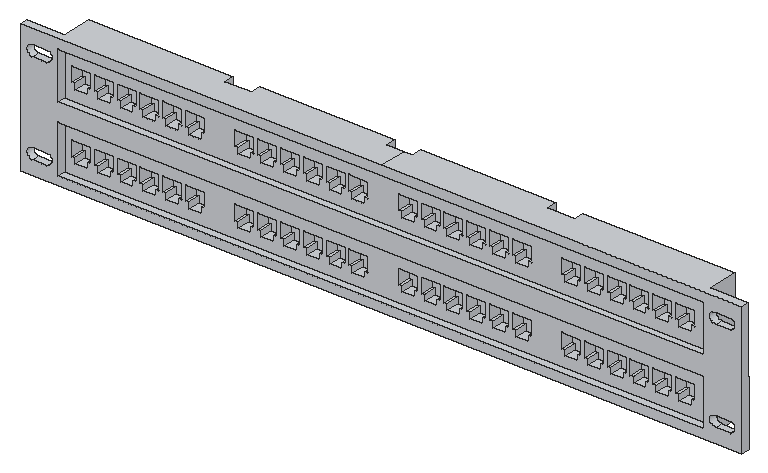
Revit family
Parameters (values of type "Type 1")
  Material ID = "760162818"
  Description = "Uniprise 10G 48 Port Patch Panel\r\n"
Reference planes (in)
  plane 1 "Center (Front/Back)": y = 0
  plane 2: z = 0
  plane 3 "Center (Left/Right)": x = 0
Forms (in)
  Extrusion 1, solid
    sketch origin (0, 0, 0) x (1, 0, 0) y (0, 0, 1)
      loop
        line (0, 1.735) -> (-9.5, 1.735) -> (-9.5, -1.735) -> (9.5, -1.735) -> (9.5, 1.735) -> (0, 1.735)
    from 0 to 1
  Extrusion 2, void
    sketch origin (0, 0, 0) x (1, 0, 0) y (0, 0, 1)
      loop
        line (0, 1.5) -> (-8.5, 1.5) -> (-8.5, 0.24) -> (8.5, 0.24) -> (8.5, 1.5) -> (0, 1.5)
      loop
        line (8.5, -1.5) -> (8.5, -0.24) -> (-8.5, -0.24) -> (-8.5, -1.5) -> (8.5, -1.5)
    from 0.80035 to 1
  Extrusion 3, void
    sketch origin (0, 0, 0) x (1, 0, 0) y (0, 0, 1)
      loop
        line (-8.306, 1.07722) -> (-8.306, 0.68622) -> (-8.226, 0.68622) -> (-8.226, 0.53222) -> (-7.886, 0.53222) -> (-7.886, 0.68622) -> (-7.806, 0.68622) -> (-7.806, 1.07722) -> (-8.306, 1.07722)
    from 0.462 to 1.10159
  Extrusion 4, void, not visible
    sketch origin (0, 0, 0) x (1, 0, 0) y (0, 0, 1)
      loop
        line (-8.45, 1.2) -> (-8.45, 0.809) -> (-8.37, 0.809) -> (-8.37, 0.655) -> (-8.03, 0.655) -> (-8.03, 0.809) -> (-7.95, 0.809) -> (-7.95, 1.2) -> (-8.45, 1.2)
    from 0.60159 to 1.10159
  Extrusion 5, void, not visible
    sketch origin (0.5989, 0, 0) x (1, 0, 0) y (0, 0, 1)
      loop
        line (-8.45, 1.2) -> (-8.45, 0.809) -> (-8.37, 0.809) -> (-8.37, 0.655) -> (-8.03, 0.655) -> (-8.03, 0.809) -> (-7.95, 0.809) -> (-7.95, 1.2) -> (-8.45, 1.2)
    from 0.60159 to 1.10159
  Extrusion 6, void, not visible
    sketch origin (1.2106, 0, 0) x (1, 0, 0) y (0, 0, 1)
      loop
        line (-8.45, 1.2) -> (-8.45, 0.809) -> (-8.37, 0.809) -> (-8.37, 0.655) -> (-8.03, 0.655) -> (-8.03, 0.809) -> (-7.95, 0.809) -> (-7.95, 1.2) -> (-8.45, 1.2)
    from 0.60159 to 1.10159
  Extrusion 7, void, not visible
    sketch origin (1.81104, 0, 0) x (1, 0, 0) y (0, 0, 1)
      loop
        line (-8.45, 1.2) -> (-8.45, 0.809) -> (-8.37, 0.809) -> (-8.37, 0.655) -> (-8.03, 0.655) -> (-8.03, 0.809) -> (-7.95, 0.809) -> (-7.95, 1.2) -> (-8.45, 1.2)
    from 0.60159 to 1.10159
  Extrusion 8, void, not visible
    sketch origin (2.41302, 0, 0) x (1, 0, 0) y (0, 0, 1)
      loop
        line (-8.45, 1.2) -> (-8.45, 0.809) -> (-8.37, 0.809) -> (-8.37, 0.655) -> (-8.03, 0.655) -> (-8.03, 0.809) -> (-7.95, 0.809) -> (-7.95, 1.2) -> (-8.45, 1.2)
    from 0.60159 to 1.10159
  Extrusion 9, void, not visible
    sketch origin (3.01652, 0, 0) x (1, 0, 0) y (0, 0, 1)
      loop
        line (-8.45, 1.2) -> (-8.45, 0.809) -> (-8.37, 0.809) -> (-8.37, 0.655) -> (-8.03, 0.655) -> (-8.03, 0.809) -> (-7.95, 0.809) -> (-7.95, 1.2) -> (-8.45, 1.2)
    from 0.60159 to 1.10159
  Extrusion 10, void
    sketch origin (0, 0, 0) x (1, 0, 0) y (0, 0, 1)
      loop
        line (9.5, 1.735) -> (8.5, 1.735) -> (8.5, -1.735) -> (9.5, -1.735) -> (9.5, 1.735)
    from 0 to 0.80035
  Extrusion 11, void
    sketch origin (0.6, 0, 0) x (1, 0, 0) y (0, 0, 1)
      loop
        line (-8.306, 1.07722) -> (-8.306, 0.68622) -> (-8.226, 0.68622) -> (-8.226, 0.53222) -> (-7.886, 0.53222) -> (-7.886, 0.68622) -> (-7.806, 0.68622) -> (-7.806, 1.07722) -> (-8.306, 1.07722)
    from 0.462 to 1.10159
  Extrusion 12, void
    sketch origin (1.2, 0, 0) x (1, 0, 0) y (0, 0, 1)
      loop
        line (-8.306, 1.07722) -> (-8.306, 0.68622) -> (-8.226, 0.68622) -> (-8.226, 0.53222) -> (-7.886, 0.53222) -> (-7.886, 0.68622) -> (-7.806, 0.68622) -> (-7.806, 1.07722) -> (-8.306, 1.07722)
    from 0.462 to 1.10159
  Extrusion 13, void
    sketch origin (1.8, 0, 0) x (1, 0, 0) y (0, 0, 1)
      loop
        line (-8.306, 1.07722) -> (-8.306, 0.68622) -> (-8.226, 0.68622) -> (-8.226, 0.53222) -> (-7.886, 0.53222) -> (-7.886, 0.68622) -> (-7.806, 0.68622) -> (-7.806, 1.07722) -> (-8.306, 1.07722)
    from 0.462 to 1.10159
  Extrusion 14, void
    sketch origin (2.4, 0, 0) x (1, 0, 0) y (0, 0, 1)
      loop
        line (-8.306, 1.07722) -> (-8.306, 0.68622) -> (-8.226, 0.68622) -> (-8.226, 0.53222) -> (-7.886, 0.53222) -> (-7.886, 0.68622) -> (-7.806, 0.68622) -> (-7.806, 1.07722) -> (-8.306, 1.07722)
    from 0.462 to 1.10159
  Extrusion 15, void
    sketch origin (3, 0, 0) x (1, 0, 0) y (0, 0, 1)
      loop
        line (-8.306, 1.07722) -> (-8.306, 0.68622) -> (-8.226, 0.68622) -> (-8.226, 0.53222) -> (-7.886, 0.53222) -> (-7.886, 0.68622) -> (-7.806, 0.68622) -> (-7.806, 1.07722) -> (-8.306, 1.07722)
    from 0.462 to 1.10159
  Extrusion 16, void, not visible
    sketch origin (0, 0, 0) x (1, 0, 0) y (0, 0, 1)
      loop
        line (-8.306, 1.07722) -> (-8.306, 0.68622) -> (-8.226, 0.68622) -> (-8.226, 0.53222) -> (-7.886, 0.53222) -> (-7.886, 0.68622) -> (-7.806, 0.68622) -> (-7.806, 1.07722) -> (-8.306, 1.07722)
    from 0.462 to 1.10159
  Extrusion 17, void
    sketch origin (4.3, 0, 0) x (1, 0, 0) y (0, 0, 1)
      loop
        line (-8.306, 1.07722) -> (-8.306, 0.68622) -> (-8.226, 0.68622) -> (-8.226, 0.53222) -> (-7.886, 0.53222) -> (-7.886, 0.68622) -> (-7.806, 0.68622) -> (-7.806, 1.07722) -> (-8.306, 1.07722)
    from 0.462 to 1.10159
  Extrusion 18, void
    sketch origin (4.9, 0, 0) x (1, 0, 0) y (0, 0, 1)
      loop
        line (-8.306, 1.07722) -> (-8.306, 0.68622) -> (-8.226, 0.68622) -> (-8.226, 0.53222) -> (-7.886, 0.53222) -> (-7.886, 0.68622) -> (-7.806, 0.68622) -> (-7.806, 1.07722) -> (-8.306, 1.07722)
    from 0.462 to 1.10159
  Extrusion 19, void
    sketch origin (5.5, 0, 0) x (1, 0, 0) y (0, 0, 1)
      loop
        line (-8.306, 1.07722) -> (-8.306, 0.68622) -> (-8.226, 0.68622) -> (-8.226, 0.53222) -> (-7.886, 0.53222) -> (-7.886, 0.68622) -> (-7.806, 0.68622) -> (-7.806, 1.07722) -> (-8.306, 1.07722)
    from 0.462 to 1.10159
  Extrusion 20, void
    sketch origin (6.1, 0, 0) x (1, 0, 0) y (0, 0, 1)
      loop
        line (-8.306, 1.07722) -> (-8.306, 0.68622) -> (-8.226, 0.68622) -> (-8.226, 0.53222) -> (-7.886, 0.53222) -> (-7.886, 0.68622) -> (-7.806, 0.68622) -> (-7.806, 1.07722) -> (-8.306, 1.07722)
    from 0.462 to 1.10159
  Extrusion 21, void
    sketch origin (6.7, 0, 0) x (1, 0, 0) y (0, 0, 1)
      loop
        line (-8.306, 1.07722) -> (-8.306, 0.68622) -> (-8.226, 0.68622) -> (-8.226, 0.53222) -> (-7.886, 0.53222) -> (-7.886, 0.68622) -> (-7.806, 0.68622) -> (-7.806, 1.07722) -> (-8.306, 1.07722)
    from 0.462 to 1.10159
  Extrusion 22, void
    sketch origin (7.3, 0, 0) x (1, 0, 0) y (0, 0, 1)
      loop
        line (-8.306, 1.07722) -> (-8.306, 0.68622) -> (-8.226, 0.68622) -> (-8.226, 0.53222) -> (-7.886, 0.53222) -> (-7.886, 0.68622) -> (-7.806, 0.68622) -> (-7.806, 1.07722) -> (-8.306, 1.07722)
    from 0.462 to 1.10159
  Extrusion 23, void
    sketch origin (8.6, 0, 0) x (1, 0, 0) y (0, 0, 1)
      loop
        line (-8.306, 1.07722) -> (-8.306, 0.68622) -> (-8.226, 0.68622) -> (-8.226, 0.53222) -> (-7.886, 0.53222) -> (-7.886, 0.68622) -> (-7.806, 0.68622) -> (-7.806, 1.07722) -> (-8.306, 1.07722)
    from 0.462 to 1.10159
  Extrusion 24, void
    sketch origin (9.2, 0, 0) x (1, 0, 0) y (0, 0, 1)
      loop
        line (-8.306, 1.07722) -> (-8.306, 0.68622) -> (-8.226, 0.68622) -> (-8.226, 0.53222) -> (-7.886, 0.53222) -> (-7.886, 0.68622) -> (-7.806, 0.68622) -> (-7.806, 1.07722) -> (-8.306, 1.07722)
    from 0.462 to 1.10159
  Extrusion 25, void
    sketch origin (9.8, 0, 0) x (1, 0, 0) y (0, 0, 1)
      loop
        line (-8.306, 1.07722) -> (-8.306, 0.68622) -> (-8.226, 0.68622) -> (-8.226, 0.53222) -> (-7.886, 0.53222) -> (-7.886, 0.68622) -> (-7.806, 0.68622) -> (-7.806, 1.07722) -> (-8.306, 1.07722)
    from 0.462 to 1.10159
  Extrusion 26, void
    sketch origin (10.4, 0, 0) x (1, 0, 0) y (0, 0, 1)
      loop
        line (-8.306, 1.07722) -> (-8.306, 0.68622) -> (-8.226, 0.68622) -> (-8.226, 0.53222) -> (-7.886, 0.53222) -> (-7.886, 0.68622) -> (-7.806, 0.68622) -> (-7.806, 1.07722) -> (-8.306, 1.07722)
    from 0.462 to 1.10159
  Extrusion 27, void
    sketch origin (11, 0, 0) x (1, 0, 0) y (0, 0, 1)
      loop
        line (-8.306, 1.07722) -> (-8.306, 0.68622) -> (-8.226, 0.68622) -> (-8.226, 0.53222) -> (-7.886, 0.53222) -> (-7.886, 0.68622) -> (-7.806, 0.68622) -> (-7.806, 1.07722) -> (-8.306, 1.07722)
    from 0.462 to 1.10159
  Extrusion 28, void
    sketch origin (11.6, 0, 0) x (1, 0, 0) y (0, 0, 1)
      loop
        line (-8.306, 1.07722) -> (-8.306, 0.68622) -> (-8.226, 0.68622) -> (-8.226, 0.53222) -> (-7.886, 0.53222) -> (-7.886, 0.68622) -> (-7.806, 0.68622) -> (-7.806, 1.07722) -> (-8.306, 1.07722)
    from 0.462 to 1.10159
  Extrusion 29, void
    sketch origin (12.9, 0, 0) x (1, 0, 0) y (0, 0, 1)
      loop
        line (-8.306, 1.07722) -> (-8.306, 0.68622) -> (-8.226, 0.68622) -> (-8.226, 0.53222) -> (-7.886, 0.53222) -> (-7.886, 0.68622) -> (-7.806, 0.68622) -> (-7.806, 1.07722) -> (-8.306, 1.07722)
    from 0.462 to 1.10159
  Extrusion 30, void
    sketch origin (13.5, 0, 0) x (1, 0, 0) y (0, 0, 1)
      loop
        line (-8.306, 1.07722) -> (-8.306, 0.68622) -> (-8.226, 0.68622) -> (-8.226, 0.53222) -> (-7.886, 0.53222) -> (-7.886, 0.68622) -> (-7.806, 0.68622) -> (-7.806, 1.07722) -> (-8.306, 1.07722)
    from 0.462 to 1.10159
  Extrusion 31, void
    sketch origin (14.1, 0, 0) x (1, 0, 0) y (0, 0, 1)
      loop
        line (-8.306, 1.07722) -> (-8.306, 0.68622) -> (-8.226, 0.68622) -> (-8.226, 0.53222) -> (-7.886, 0.53222) -> (-7.886, 0.68622) -> (-7.806, 0.68622) -> (-7.806, 1.07722) -> (-8.306, 1.07722)
    from 0.462 to 1.10159
  Extrusion 32, void
    sketch origin (14.7, 0, 0) x (1, 0, 0) y (0, 0, 1)
      loop
        line (-8.306, 1.07722) -> (-8.306, 0.68622) -> (-8.226, 0.68622) -> (-8.226, 0.53222) -> (-7.886, 0.53222) -> (-7.886, 0.68622) -> (-7.806, 0.68622) -> (-7.806, 1.07722) -> (-8.306, 1.07722)
    from 0.462 to 1.10159
  Extrusion 33, void
    sketch origin (15.3, 0, 0) x (1, 0, 0) y (0, 0, 1)
      loop
        line (-8.306, 1.07722) -> (-8.306, 0.68622) -> (-8.226, 0.68622) -> (-8.226, 0.53222) -> (-7.886, 0.53222) -> (-7.886, 0.68622) -> (-7.806, 0.68622) -> (-7.806, 1.07722) -> (-8.306, 1.07722)
    from 0.462 to 1.10159
  Extrusion 34, void
    sketch origin (15.9, 0, 0) x (1, 0, 0) y (0, 0, 1)
      loop
        line (-8.306, 1.07722) -> (-8.306, 0.68622) -> (-8.226, 0.68622) -> (-8.226, 0.53222) -> (-7.886, 0.53222) -> (-7.886, 0.68622) -> (-7.806, 0.68622) -> (-7.806, 1.07722) -> (-8.306, 1.07722)
    from 0.462 to 1.10159
  Extrusion 35, void, not visible
    sketch origin (0, 0, 0) x (1, 0, 0) y (0, 0, 1)
      loop
        line (-8.306, 1.07722) -> (-8.306, 0.68622) -> (-8.226, 0.68622) -> (-8.226, 0.53222) -> (-7.886, 0.53222) -> (-7.886, 0.68622) -> (-7.806, 0.68622) -> (-7.806, 1.07722) -> (-8.306, 1.07722)
    from 0.462 to 1.10159
  Extrusion 36, void, not visible
    sketch origin (0.6, 0, 0) x (1, 0, 0) y (0, 0, 1)
      loop
        line (-8.306, 1.07722) -> (-8.306, 0.68622) -> (-8.226, 0.68622) -> (-8.226, 0.53222) -> (-7.886, 0.53222) -> (-7.886, 0.68622) -> (-7.806, 0.68622) -> (-7.806, 1.07722) -> (-8.306, 1.07722)
    from 0.462 to 1.10159
  Extrusion 37, void, not visible
    sketch origin (1.2, 0, 0) x (1, 0, 0) y (0, 0, 1)
      loop
        line (-8.306, 1.07722) -> (-8.306, 0.68622) -> (-8.226, 0.68622) -> (-8.226, 0.53222) -> (-7.886, 0.53222) -> (-7.886, 0.68622) -> (-7.806, 0.68622) -> (-7.806, 1.07722) -> (-8.306, 1.07722)
    from 0.462 to 1.10159
  Extrusion 38, void, not visible
    sketch origin (1.8, 0, 0) x (1, 0, 0) y (0, 0, 1)
      loop
        line (-8.306, 1.07722) -> (-8.306, 0.68622) -> (-8.226, 0.68622) -> (-8.226, 0.53222) -> (-7.886, 0.53222) -> (-7.886, 0.68622) -> (-7.806, 0.68622) -> (-7.806, 1.07722) -> (-8.306, 1.07722)
    from 0.462 to 1.10159
  Extrusion 39, void, not visible
    sketch origin (2.4, 0, 0) x (1, 0, 0) y (0, 0, 1)
      loop
        line (-8.306, 1.07722) -> (-8.306, 0.68622) -> (-8.226, 0.68622) -> (-8.226, 0.53222) -> (-7.886, 0.53222) -> (-7.886, 0.68622) -> (-7.806, 0.68622) -> (-7.806, 1.07722) -> (-8.306, 1.07722)
    from 0.462 to 1.10159
  Extrusion 40, void, not visible
    sketch origin (3, 0, 0) x (1, 0, 0) y (0, 0, 1)
      loop
        line (-8.306, 1.07722) -> (-8.306, 0.68622) -> (-8.226, 0.68622) -> (-8.226, 0.53222) -> (-7.886, 0.53222) -> (-7.886, 0.68622) -> (-7.806, 0.68622) -> (-7.806, 1.07722) -> (-8.306, 1.07722)
    from 0.462 to 1.10159
  Extrusion 41, void
    sketch origin (0, 0, -1.75) x (1, 0, 0) y (0, 0, 1)
      loop
        line (-8.306, 1.07722) -> (-8.306, 0.68622) -> (-8.226, 0.68622) -> (-8.226, 0.53222) -> (-7.886, 0.53222) -> (-7.886, 0.68622) -> (-7.806, 0.68622) -> (-7.806, 1.07722) -> (-8.306, 1.07722)
    from 0.462 to 1.10159
  Extrusion 42, void
    sketch origin (0.6, 0, -1.75) x (1, 0, 0) y (0, 0, 1)
      loop
        line (-8.306, 1.07722) -> (-8.306, 0.68622) -> (-8.226, 0.68622) -> (-8.226, 0.53222) -> (-7.886, 0.53222) -> (-7.886, 0.68622) -> (-7.806, 0.68622) -> (-7.806, 1.07722) -> (-8.306, 1.07722)
    from 0.462 to 1.10159
  Extrusion 43, void
    sketch origin (1.2, 0, -1.75) x (1, 0, 0) y (0, 0, 1)
      loop
        line (-8.306, 1.07722) -> (-8.306, 0.68622) -> (-8.226, 0.68622) -> (-8.226, 0.53222) -> (-7.886, 0.53222) -> (-7.886, 0.68622) -> (-7.806, 0.68622) -> (-7.806, 1.07722) -> (-8.306, 1.07722)
    from 0.462 to 1.10159
  Extrusion 44, void
    sketch origin (1.8, 0, -1.75) x (1, 0, 0) y (0, 0, 1)
      loop
        line (-8.306, 1.07722) -> (-8.306, 0.68622) -> (-8.226, 0.68622) -> (-8.226, 0.53222) -> (-7.886, 0.53222) -> (-7.886, 0.68622) -> (-7.806, 0.68622) -> (-7.806, 1.07722) -> (-8.306, 1.07722)
    from 0.462 to 1.10159
  Extrusion 45, void
    sketch origin (2.4, 0, -1.75) x (1, 0, 0) y (0, 0, 1)
      loop
        line (-8.306, 1.07722) -> (-8.306, 0.68622) -> (-8.226, 0.68622) -> (-8.226, 0.53222) -> (-7.886, 0.53222) -> (-7.886, 0.68622) -> (-7.806, 0.68622) -> (-7.806, 1.07722) -> (-8.306, 1.07722)
    from 0.462 to 1.10159
  Extrusion 46, void
    sketch origin (3, 0, -1.75) x (1, 0, 0) y (0, 0, 1)
      loop
        line (-8.306, 1.07722) -> (-8.306, 0.68622) -> (-8.226, 0.68622) -> (-8.226, 0.53222) -> (-7.886, 0.53222) -> (-7.886, 0.68622) -> (-7.806, 0.68622) -> (-7.806, 1.07722) -> (-8.306, 1.07722)
    from 0.462 to 1.10159
  Extrusion 47, void
    sketch origin (4.3, 0, -1.75) x (1, 0, 0) y (0, 0, 1)
      loop
        line (-8.306, 1.07722) -> (-8.306, 0.68622) -> (-8.226, 0.68622) -> (-8.226, 0.53222) -> (-7.886, 0.53222) -> (-7.886, 0.68622) -> (-7.806, 0.68622) -> (-7.806, 1.07722) -> (-8.306, 1.07722)
    from 0.462 to 1.10159
  Extrusion 48, void
    sketch origin (4.9, 0, -1.75) x (1, 0, 0) y (0, 0, 1)
      loop
        line (-8.306, 1.07722) -> (-8.306, 0.68622) -> (-8.226, 0.68622) -> (-8.226, 0.53222) -> (-7.886, 0.53222) -> (-7.886, 0.68622) -> (-7.806, 0.68622) -> (-7.806, 1.07722) -> (-8.306, 1.07722)
    from 0.462 to 1.10159
  Extrusion 49, void
    sketch origin (5.5, 0, -1.75) x (1, 0, 0) y (0, 0, 1)
      loop
        line (-8.306, 1.07722) -> (-8.306, 0.68622) -> (-8.226, 0.68622) -> (-8.226, 0.53222) -> (-7.886, 0.53222) -> (-7.886, 0.68622) -> (-7.806, 0.68622) -> (-7.806, 1.07722) -> (-8.306, 1.07722)
    from 0.462 to 1.10159
  Extrusion 50, void
    sketch origin (6.1, 0, -1.75) x (1, 0, 0) y (0, 0, 1)
      loop
        line (-8.306, 1.07722) -> (-8.306, 0.68622) -> (-8.226, 0.68622) -> (-8.226, 0.53222) -> (-7.886, 0.53222) -> (-7.886, 0.68622) -> (-7.806, 0.68622) -> (-7.806, 1.07722) -> (-8.306, 1.07722)
    from 0.462 to 1.10159
  Extrusion 51, void
    sketch origin (6.7, 0, -1.75) x (1, 0, 0) y (0, 0, 1)
      loop
        line (-8.306, 1.07722) -> (-8.306, 0.68622) -> (-8.226, 0.68622) -> (-8.226, 0.53222) -> (-7.886, 0.53222) -> (-7.886, 0.68622) -> (-7.806, 0.68622) -> (-7.806, 1.07722) -> (-8.306, 1.07722)
    from 0.462 to 1.10159
  Extrusion 52, void
    sketch origin (7.3, 0, -1.75) x (1, 0, 0) y (0, 0, 1)
      loop
        line (-8.306, 1.07722) -> (-8.306, 0.68622) -> (-8.226, 0.68622) -> (-8.226, 0.53222) -> (-7.886, 0.53222) -> (-7.886, 0.68622) -> (-7.806, 0.68622) -> (-7.806, 1.07722) -> (-8.306, 1.07722)
    from 0.462 to 1.10159
  Extrusion 53, void
    sketch origin (8.6, 0, -1.75) x (1, 0, 0) y (0, 0, 1)
      loop
        line (-8.306, 1.07722) -> (-8.306, 0.68622) -> (-8.226, 0.68622) -> (-8.226, 0.53222) -> (-7.886, 0.53222) -> (-7.886, 0.68622) -> (-7.806, 0.68622) -> (-7.806, 1.07722) -> (-8.306, 1.07722)
    from 0.462 to 1.10159
  Extrusion 54, void
    sketch origin (9.2, 0, -1.75) x (1, 0, 0) y (0, 0, 1)
      loop
        line (-8.306, 1.07722) -> (-8.306, 0.68622) -> (-8.226, 0.68622) -> (-8.226, 0.53222) -> (-7.886, 0.53222) -> (-7.886, 0.68622) -> (-7.806, 0.68622) -> (-7.806, 1.07722) -> (-8.306, 1.07722)
    from 0.462 to 1.10159
  Extrusion 55, void
    sketch origin (9.8, 0, -1.75) x (1, 0, 0) y (0, 0, 1)
      loop
        line (-8.306, 1.07722) -> (-8.306, 0.68622) -> (-8.226, 0.68622) -> (-8.226, 0.53222) -> (-7.886, 0.53222) -> (-7.886, 0.68622) -> (-7.806, 0.68622) -> (-7.806, 1.07722) -> (-8.306, 1.07722)
    from 0.462 to 1.10159
  Extrusion 56, void
    sketch origin (10.4, 0, -1.75) x (1, 0, 0) y (0, 0, 1)
      loop
        line (-8.306, 1.07722) -> (-8.306, 0.68622) -> (-8.226, 0.68622) -> (-8.226, 0.53222) -> (-7.886, 0.53222) -> (-7.886, 0.68622) -> (-7.806, 0.68622) -> (-7.806, 1.07722) -> (-8.306, 1.07722)
    from 0.462 to 1.10159
  Extrusion 57, void
    sketch origin (11, 0, -1.75) x (1, 0, 0) y (0, 0, 1)
      loop
        line (-8.306, 1.07722) -> (-8.306, 0.68622) -> (-8.226, 0.68622) -> (-8.226, 0.53222) -> (-7.886, 0.53222) -> (-7.886, 0.68622) -> (-7.806, 0.68622) -> (-7.806, 1.07722) -> (-8.306, 1.07722)
    from 0.462 to 1.10159
  Extrusion 58, void
    sketch origin (11.6, 0, -1.75) x (1, 0, 0) y (0, 0, 1)
      loop
        line (-8.306, 1.07722) -> (-8.306, 0.68622) -> (-8.226, 0.68622) -> (-8.226, 0.53222) -> (-7.886, 0.53222) -> (-7.886, 0.68622) -> (-7.806, 0.68622) -> (-7.806, 1.07722) -> (-8.306, 1.07722)
    from 0.462 to 1.10159
  Extrusion 59, void
    sketch origin (12.9, 0, -1.75) x (1, 0, 0) y (0, 0, 1)
      loop
        line (-8.306, 1.07722) -> (-8.306, 0.68622) -> (-8.226, 0.68622) -> (-8.226, 0.53222) -> (-7.886, 0.53222) -> (-7.886, 0.68622) -> (-7.806, 0.68622) -> (-7.806, 1.07722) -> (-8.306, 1.07722)
    from 0.462 to 1.10159
  Extrusion 60, void
    sketch origin (13.5, 0, -1.75) x (1, 0, 0) y (0, 0, 1)
      loop
        line (-8.306, 1.07722) -> (-8.306, 0.68622) -> (-8.226, 0.68622) -> (-8.226, 0.53222) -> (-7.886, 0.53222) -> (-7.886, 0.68622) -> (-7.806, 0.68622) -> (-7.806, 1.07722) -> (-8.306, 1.07722)
    from 0.462 to 1.10159
  Extrusion 61, void
    sketch origin (14.1, 0, -1.75) x (1, 0, 0) y (0, 0, 1)
      loop
        line (-8.306, 1.07722) -> (-8.306, 0.68622) -> (-8.226, 0.68622) -> (-8.226, 0.53222) -> (-7.886, 0.53222) -> (-7.886, 0.68622) -> (-7.806, 0.68622) -> (-7.806, 1.07722) -> (-8.306, 1.07722)
    from 0.462 to 1.10159
  Extrusion 62, void
    sketch origin (14.7, 0, -1.75) x (1, 0, 0) y (0, 0, 1)
      loop
        line (-8.306, 1.07722) -> (-8.306, 0.68622) -> (-8.226, 0.68622) -> (-8.226, 0.53222) -> (-7.886, 0.53222) -> (-7.886, 0.68622) -> (-7.806, 0.68622) -> (-7.806, 1.07722) -> (-8.306, 1.07722)
    from 0.462 to 1.10159
  Extrusion 63, void
    sketch origin (15.3, 0, -1.75) x (1, 0, 0) y (0, 0, 1)
      loop
        line (-8.306, 1.07722) -> (-8.306, 0.68622) -> (-8.226, 0.68622) -> (-8.226, 0.53222) -> (-7.886, 0.53222) -> (-7.886, 0.68622) -> (-7.806, 0.68622) -> (-7.806, 1.07722) -> (-8.306, 1.07722)
    from 0.462 to 1.10159
  Extrusion 64, void
    sketch origin (15.9, 0, -1.75) x (1, 0, 0) y (0, 0, 1)
      loop
        line (-8.306, 1.07722) -> (-8.306, 0.68622) -> (-8.226, 0.68622) -> (-8.226, 0.53222) -> (-7.886, 0.53222) -> (-7.886, 0.68622) -> (-7.806, 0.68622) -> (-7.806, 1.07722) -> (-8.306, 1.07722)
    from 0.462 to 1.10159
  Extrusion 65, void
    sketch origin (0, 0, 0) x (1, 0, 0) y (0, 0, 1)
      loop
        line (-8.5, 1.735) -> (-9.5, 1.735) -> (-9.5, -1.735) -> (-8.5, -1.735) -> (-8.5, 1.735)
    from 0 to 0.80035
  Extrusion 66, void
    sketch origin (0, 0, 0) x (1, 0, 0) y (0, 0, 1)
      loop
        line (4.5, 1.75) -> (3.8, 1.75) -> (3.8, -1.735) -> (4.5, -1.735) -> (4.5, 1.75)
      loop
        line (0.25, 1.75) -> (-0.45, 1.75) -> (-0.45, -1.735) -> (0.25, -1.735) -> (0.25, 1.75)
      loop
        line (-4, 1.75) -> (-4.7, 1.75) -> (-4.7, -1.735) -> (-4, -1.735) -> (-4, 1.75)
    from 0 to 0.26215
  Extrusion 67, void
    sketch origin (0, 0, 0) x (1, 0, 0) y (0, 0, 1)
      loop
        line (9.16752, 1.36323) -> (8.79742, 1.36323)
        arc (8.79742, 1.36323) -> (8.64742, 1.21323) -> (8.79742, 1.06323) r 0.15
        line (8.79742, 1.06323) -> (9.16752, 1.06323)
        arc (9.16752, 1.06323) -> (9.31752, 1.21323) -> (9.16752, 1.36323) r 0.15
      loop
        arc (9.16752, -1.36323) -> (9.31752, -1.21323) -> (9.16752, -1.06323) r 0.15
        line (9.16752, -1.06323) -> (8.79742, -1.06323)
        arc (8.79742, -1.06323) -> (8.64742, -1.21323) -> (8.79742, -1.36323) r 0.15
        line (8.79742, -1.36323) -> (9.16752, -1.36323)
      loop
        arc (-9.16752, 1.36323) -> (-9.31752, 1.21323) -> (-9.16752, 1.06323) r 0.15
        line (-9.16752, 1.06323) -> (-8.79742, 1.06323)
        arc (-8.79742, 1.06323) -> (-8.64742, 1.21323) -> (-8.79742, 1.36323) r 0.15
        line (-8.79742, 1.36323) -> (-9.16752, 1.36323)
      loop
        line (-9.16752, -1.36323) -> (-8.79742, -1.36323)
        arc (-8.79742, -1.36323) -> (-8.64742, -1.21323) -> (-8.79742, -1.06323) r 0.15
        line (-8.79742, -1.06323) -> (-9.16752, -1.06323)
        arc (-9.16752, -1.06323) -> (-9.31752, -1.21323) -> (-9.16752, -1.36323) r 0.15
    from 0 to 1
Cuts and joins
  Extrusion 2, Extrusion 3, Extrusion 10, Extrusion 11, Extrusion 12, Extrusion 13, Extrusion 14, Extrusion 15, Extrusion 17, Extrusion 18, Extrusion 19, Extrusion 20, Extrusion 21, Extrusion 22, Extrusion 23, Extrusion 24, Extrusion 25, Extrusion 26, Extrusion 27, Extrusion 28, Extrusion 29, Extrusion 30, Extrusion 31, Extrusion 32, Extrusion 33, Extrusion 34, Extrusion 41, Extrusion 42, Extrusion 43, Extrusion 44, Extrusion 45, Extrusion 46, Extrusion 47, Extrusion 48, Extrusion 49, Extrusion 50, Extrusion 51, Extrusion 52, Extrusion 53, Extrusion 54, Extrusion 55, Extrusion 56, Extrusion 57, Extrusion 58, Extrusion 59, Extrusion 60, Extrusion 61, Extrusion 62, Extrusion 63, Extrusion 64, Extrusion 65, Extrusion 66, Extrusion 67 cuts Extrusion 1
Dimensions and locks (in)
  equal spacing: group 2, group 3, group 4, group 5, group 6, group 7  (x3)
  equal spacing: group 10, group 11, group 12, group 13, group 14, group 15  (x3)
  equal spacing: group 8, group 16, group 23, group 30  (x3)
  equal spacing: group 17, group 18, group 19, group 20, group 21, group 22  (x3)
  equal spacing: group 24, group 25, group 26, group 27, group 28, group 29  (x3)
  equal spacing: group 32, group 33, group 34, group 35, group 36, group 37  (x3)
  equal spacing: group 39, group 40, group 41, group 42, group 43, group 44  (x3)
  equal spacing: group 46, group 47, group 48, group 49, group 50, group 51  (x3)
  equal spacing: group 45, group 52, group 59, group 66  (x3)
  equal spacing: group 53, group 54, group 55, group 56, group 57, group 58  (x3)
  equal spacing: group 60, group 61, group 62, group 63, group 64, group 65  (x3)
  group 31 to group 67 = 0"  (x2)
  group 67 to group 31 = 1.75"
  aligned and locked: plane 3 "Center (Left/Right)" to Extrusion 2 sketch curve
  aligned and locked: Extrusion 10 sketch curve to cut or joined group 1 (Extrusion 1, Extrusion 2, Extrusion 3, Extrusion 10, Extrusion 11, Extrusion 12, Extrusion 13, Extrusion 14, Extrusion 15, Extrusion 17, Extrusion 18, Extrusion 19, Extrusion 20, Extrusion 21, Extrusion 22, Extrusion 23, Extrusion 24, Extrusion 25, Extrusion 26, Extrusion 27, Extrusion 28, Extrusion 29, Extrusion 30, Extrusion 31, Extrusion 32, Extrusion 33, Extrusion 34, Extrusion 41, Extrusion 42, Extrusion 43, Extrusion 44, Extrusion 45, Extrusion 46, Extrusion 47, Extrusion 48, Extrusion 49, Extrusion 50, Extrusion 51, Extrusion 52, Extrusion 53, Extrusion 54, Extrusion 55, Extrusion 56, Extrusion 57, Extrusion 58, Extrusion 59, Extrusion 60, Extrusion 61, Extrusion 62, Extrusion 63, Extrusion 64, Extrusion 65, Extrusion 66, Extrusion 67)  (x2)
  aligned and locked: Extrusion 65 sketch curve to cut or joined group 1  (x2)
